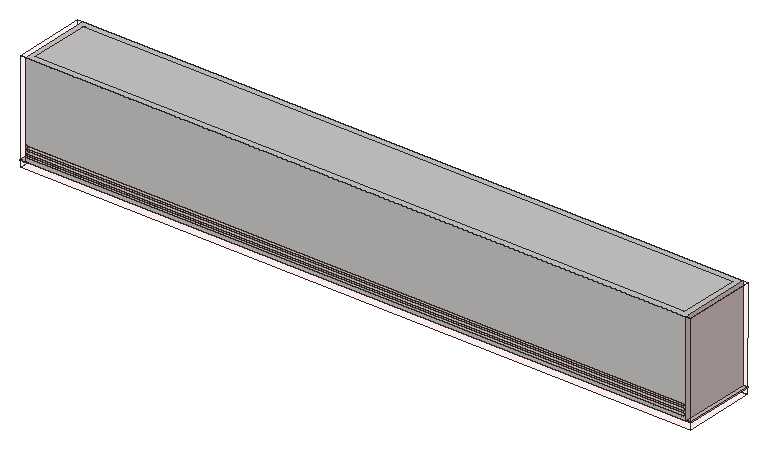
Revit family "Air-Curtain_Specialty_PoweredAire_HDX-Hazardous", category Mechanical Equipment, host Face, Revit 2020
Family settings
  Host = Face
  Round Connector Dimension = Use Diameter
  Part Type = Normal
  OmniClass Number = 23.75.35.17.21
  OmniClass Title = Air Curtains
  Cut with Voids When Loaded = No
  Shared = No
  Room Calculation Point = No
Parameters (values of type "192'' Nozzle")
  Warranty Duration (Years) = 0
  Unit Width Notes = "Other Widths available."  # constant formula
  Unit Width = 16' - 3 1/4"
  Unit Weight = 1170
  Unit Height = 1' - 9"
  Unit Depth = 2' - 3 1/4"
  URL = "http://www.poweredaire.com/"
  Test Data = ""
  Standards Conformance = "Class I C and D  ;  Class II F and G  ;  Made in USA"
  Specification = "http://www.arcat.com/sdspecs/htm04/23_34_33pai.htm"
  SpecWizard = ""
  Sound Pressure = ">69 dBA"
  Sales Information = "http://www.poweredaire.com/contact_us"
  Revision = "R1_2016-08"
  Projection from Host [instance] = 0' - 2"
  Product Properties = ""
  Product Data = "http://www.arcat.com/arcatcos/cos47/arc47623.html"
  Power Rating = 0 W
  Nozzle Width = if(1 = 1, Unit Width - 0' 3", 0' 0")  # 16' - 0 1/4"
  Mounting Width = if(1 = 1, Unit Width - 0' 1 1/2", 0' 0")  # 16' - 1 3/4"
  Mounting Height [instance] = 3' - 6"
  Motor RPM = 1160
  Motor HP = 3
  Motor Count = 3
  Model = "HDX-3-192"
  Max Height = 17' - 0"
  Manufacturer Website = "http://www.poweredaire.com/"
  Manufacturer Phone - Toll Free = "888-321-2473"
  Manufacturer Phone = "724-588-3305"
  Manufacturer Fax = "724-588-3371"
  Manufacturer Address = "109 Mortensen Rd.  Greenville, PA 16125"
  Manufacturer = "Powered Aire, Inc"
  Maintenance Schedule (Months) = 0
  Keynote = "23 34 33"
  Installation-Fabrication = ""
  Installation Phase = ""
  Include Clearance [instance] = yes
  Heating Element Load = 0 W
  HVAC_Temperature Rise = 0 °F
  HVAC_Outlet Volume = 15700 CFM
  HVAC_Outlet Velocity Uniformity = 0.863
  HVAC_Outlet Velocity = 6200 FPM
  Green Building-LEED = "http://www.arcat.com/green/clients/leed_data_47623.html"
  Front Grating Material [instance] = Metal - Steel - PoweredAire - Stainless 304 Perforated
  Frame Finish [instance] = Metal - Steel - PoweredAire - Stainless 304
  Expected Lifespan (Years) = 0
  Electrical_Wattage [instance] = Power Rating + Heating Element Load  # 0 W
  Electrical_Voltage [instance] = 0 V
  Electrical_Phase [instance] = 1
  Electrical_Frequency [instance] = 0 Hz
  Electrical_Amperage [instance] = 0 A
  Drawn By = "Sumex Design, Inc. / Robert S. Weygant, CSI, CDT, SCIP"
  Description = "Powered Aire Unheated Hazardous Area Air Curtain - HDX-3-192 as Specified"
  Default Elevation = 0' - 0"  # constant formula
  Copyright = "©Arcat Inc."
  Construction Details = "http://www.arcat.com/details/powair/prod3336.html"
  Clearance_Top [instance] = 0' - 0"
  Clearance_Side B [instance] = 0' - 0"
  Clearance_Side A [instance] = 0' - 0"
  Clearance_Intake [instance] = 0' - 0"
  Clearance_Bottom [instance] = 0' - 0"
  Clearance Material [instance] = ARCAT Clearance
  Building Codes = ""
  Available Options [instance] = "as Specified"
  Assembly Code = "D3090400"
Types (7): name | Unit Width | Unit Weight | Sound Pressure | Nozzle Width | Mounting Width | Motor Count | Model | HVAC_Outlet Volume | HVAC_Outlet Velocity Uniformity | HVAC_Outlet Velocity | Description
  192'' Nozzle | 16' - 3 1/4" | 1170 | ">69 dBA" | 16' - 0 1/4" | 16' - 1 3/4" | 3 | "HDX-3-192" | 15700 CFM | 0.863 | 6200 FPM | "Powered Aire Unheated Hazardous Area Air Curtain - HDX-3-192 as Specified"
  180'' Nozzle | 15' - 3 1/4" | 1150 | ">69 dBA" | 15' - 0 1/4" | 15' - 1 3/4" | 3 | "HDX-3-180" | 15000 CFM | 0.863 | 6200 FPM | "Powered Aire Unheated Hazardous Area Air Curtain - HDX-3-180 as Specified"
  144'' Nozzle | 12' - 3 1/8" | 830 | ">69 dBA" | 12' - 0 1/8" | 12' - 1 5/8" | 2 | "HDX-2-144" | 11200 CFM | 0.863 | 5900 FPM | "Powered Aire Unheated Hazardous Area Air Curtain - HDX-2-144 as Specified"
  132'' Nozzle | 11' - 3 1/8" | 805 | ">69 dBA" | 11' - 0 1/8" | 11' - 1 5/8" | 2 | "HDX-2-132" | 10400 CFM | 0.863 | 5900 FPM | "Powered Aire Unheated Hazardous Area Air Curtain - HDX-2-132 as Specified"
  120'' Nozzle | 10' - 3 1/8" | 785 | ">69 dBA" | 10' - 0 1/8" | 10' - 1 5/8" | 2 | "HDX-2-120" | 9700 CFM | 0.92 | 5800 FPM | "Powered Aire Unheated Hazardous Area Air Curtain - HDX-2-120 as Specified"
  72'' Nozzle | 6' - 3" | 420 | "69 dBA" | 6' - 0" | 6' - 1 1/2" | 1 | "HDX-1-72" | 5600 CFM | 0.863 | 5900 FPM | "Powered Aire Unheated Hazardous Area Air Curtain - HDX-1-72 as Specified"
  60'' Nozzle | 5' - 3" | 400 | "69 dBA" | 5' - 0" | 5' - 1 1/2" | 1 | "HDX-1-60" | 4900 CFM | 0.92 | 5800 FPM | "Powered Aire Unheated Hazardous Area Air Curtain - HDX-1-60 as Specified"
Reference planes (in)
  plane 1 "Center (Elevation)": y = 10.63818
  plane 2: z = 0
  plane 3 "Center (Left/Right)": x = 0
  plane 4: y = 21.13818
  plane 5 "BoC": y = 0.13818
  plane 6: x = -97.625
  plane 7: x = 97.625
  plane 8: z = 29.25
  plane 9 "FF": y = -41.86182
  plane 10: z = 2
  plane 11: x = 96.125
  plane 12: x = -96.125
  plane 13: y = 21.13818
  plane 14: y = 0.13818
  plane 15: x = -97.625
  plane 16: x = 97.625
  plane 17: z = 29.25
  plane 18: y = 0.13818
  plane 19: x = 96.0625
  plane 20: x = -96.0625
Forms (in)
  Extrusion 1, solid, material "ARCAT Clearance" <- "Clearance Material", visible <- "Include Clearance"
    sketch origin (0, 0, 0) x (0, 1, 0) y (0, 0, 1)
      loop
        line (0.13818, 29.25) -> (0.13818, 0) -> (21.13818, 0) -> (21.13818, 29.25) -> (0.13818, 29.25)
    from -97.625 to 97.625
  Extrusion 2, solid, material "Metal - Steel - PoweredAire - Stainless 304" <- "Frame Finish"
    sketch origin (0, 10.63818, 0) x (1, 0, 0) y (0, 0, 1)
      loop
        line (96.125, 29.25) -> (-96.125, 29.25) -> (-96.125, 2) -> (96.125, 2) -> (96.125, 29.25)
    from -10.5 to 10.5
  Extrusion 3, void
    sketch origin (0, 0, 0) x (0, 1, 0) y (0, 0, 1)
      loop
        line (0.13818, 4) -> (0.13818, 3) -> (1.63818, 3) -> (1.63818, 6.5) -> (0.13818, 6.5) -> (0.13818, 5.5) -> (1.38818, 5.5) -> (1.38818, 5.25) -> (0.13818, 5.25) -> (0.13818, 4.25) -> (1.38818, 4.25) -> (1.38818, 4) -> (0.13818, 4)
    from -96.0625 to 96.0625
  Extrusion 4, solid, material "Metal - Steel - PoweredAire - Stainless 304" <- "Frame Finish"
    sketch origin (-15.17702, -180, 2) x (-1, 0, 0) y (0, -1, 0)
      loop
        line (-111.30202, -201.13818) -> (-111.30202, -180.13818) -> (-112.80202, -180.13818) -> (-112.80202, -201.13818) -> (-111.30202, -201.13818)
      loop
        line (80.94798, -201.13818) -> (82.44798, -201.13818) -> (82.44798, -180.13818) -> (80.94798, -180.13818) -> (80.94798, -201.13818)
    from 0 to 0.125
  Extrusion 5, solid, material "Metal - Steel - PoweredAire - Stainless 304 Perforated" <- "Front Grating Material"
    sketch origin (96.125, 10.63818, 29.25) x (-1, 0, 0) y (0, -1, 0)
      loop
        line (1.5, -9) -> (190.75, -9) -> (190.75, 9) -> (1.5, 9) -> (1.5, -9)
    from 0 to 0.03125
Cuts and joins
  Extrusion 3 cuts Extrusion 2
Dimensions and locks (in)
  equal spacing: plane 4, plane 1 "Center (Elevation)", plane 5 "BoC"
  "Unit Height": plane 4 to plane 5 "BoC"
  equal spacing: plane 6, plane 3 "Center (Left/Right)", plane 7
  "Unit Width": plane 6 to plane 7
  "Mounting Height": plane 5 "BoC" to plane 9 "FF"
  "Projection from Host": plane 10 to level
  "Unit Depth": plane 8 to plane 10
  locked: plane 6 to plane 12 at 1.5
  locked: plane 11 to plane 7 at 1.5
  "Clearance_Side A": plane 7 to plane 16
  "Clearance_Side B": plane 15 to plane 6
  "Clearance_Top": plane 13 to plane 4
  "Clearance_Bottom": plane 5 "BoC" to plane 14
  "Clearance_Intake": plane 17 to plane 8
  locked: plane 7 to Extrusion 2 sketch curve at 1.5
  locked: Extrusion 2 sketch curve to plane 6 at 1.5
  locked: plane 18 to plane 5 "BoC" at 0
  locked: plane 12 to Extrusion 5 sketch curve at 1.5
  locked: Extrusion 5 sketch curve to plane 11 at 1.5
  locked: Extrusion 5 sketch curve to plane 5 "BoC" at 1.5
  locked: plane 20 to plane 12 at 0.0625
  locked: plane 11 to plane 19 at 0.0625
  Extrusion 3 sketch curve to Extrusion 3 sketch curve to Extrusion 3 sketch curve to Extrusion 3 sketch curve to Extrusion 3 sketch curve to Extrusion 3 sketch curve to plane 10 = 0' - 1" locked, 0' - 0 1/4" locked, 0' - 1" locked, 0' - 0 1/4" locked, 0' - 1" locked, 0' - 1" locked
  locked: plane 4 to Extrusion 5 sketch curve at 1.5
  aligned and locked: plane 2 to host face
  aligned and locked: level to host face
  aligned and locked: Extrusion 1 sketch curve to plane 17
  aligned and locked: plane 14 to Extrusion 1 sketch curve
  aligned and locked: level to Extrusion 1 sketch curve
  aligned and locked: Extrusion 1 sketch curve to plane 13
  aligned and locked: plane 16 to Extrusion 1
  aligned and locked: Extrusion 1 to plane 15
  aligned and locked: Extrusion 2 to plane 4
  aligned and locked: Extrusion 2 to plane 18
  aligned and locked: Extrusion 4 sketch curve to plane 4  (x2)
  aligned and locked: Extrusion 2 sketch curve to plane 10
  aligned and locked: Extrusion 3 to plane 20
  aligned and locked: plane 19 to Extrusion 3
  aligned and locked: Extrusion 2 sketch curve to plane 8
  aligned and locked: plane 18 to Extrusion 4 sketch curve  (x2)
Automatic sketch dimensions
  host sketch curve to host sketch curve = 8' - 0"  (x2)
  Extrusion 4 sketch curve to plane 7 = 0' - 0"
  Extrusion 4 sketch curve to plane 11 = 0' - 0"
  Extrusion 4 sketch curve to plane 12 = 0' - 0"
  Extrusion 4 sketch curve to plane 6 = 0' - 0"
  Extrusion 3 sketch curve to plane 5 "BoC" = 0' - 0"  (x3)
  plane 18 to Extrusion 3 sketch curve = 0' - 1 1/4"
  Extrusion 3 sketch curve to Extrusion 3 sketch curve = 0' - 0"
  Extrusion 3 sketch curve to Extrusion 3 sketch curve = 0' - 0 1/4"
Connectors (in)
  electrical at (-96.125, 10.63818, 15.625), driven by "Electrical_Voltage", driven by "Electrical_Phase"
    settings: on cut or joined group of Extrusion 2, Extrusion 3, index 1, voltage 0 V, apparent load 0 VA, apparent load phase1 0 VA, apparent load phase2 0 VA, apparent load phase3 0 VA, power factor 1, load classification "Other", number of poles 1, system type 31, power factor state 1, is connector primary yes, connector utility no, sub classification motor no, connector description ""
